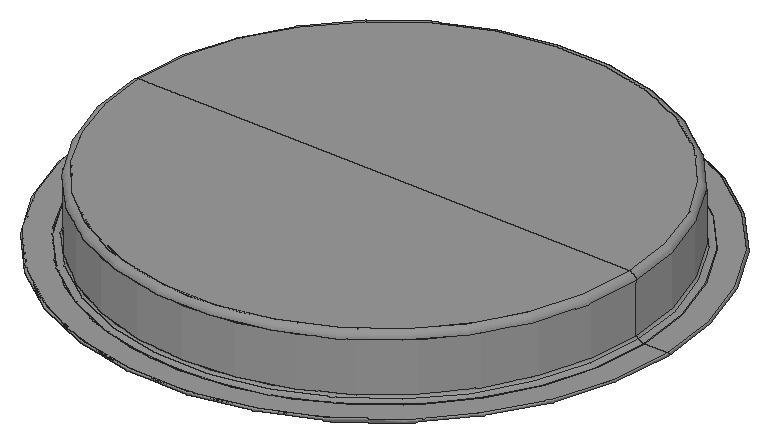
Revit family "MIA12_63_UN_Downlighter_ETK", category Lighting Fixtures, Revit 2017
Family settings
  Round Connector Dimension = Use Diameter
  Part Type = Normal
  OmniClass Number = 23.80.70.11.14.11
  OmniClass Title = Downlights
  Work Plane-Based = No
  Always vertical = Yes
  Cut with Voids When Loaded = No
  Light Source = No
  Shared = No
  Room Calculation Point = Yes
Parameters (values of type "MIA.1210.15 - Ø180 / 10W / 1000lm / 3000K")
  Wattage Comments = "10W"
  Voltage = 230 V
  URL = "http://www.etk.nl/producten/mia-1/"
  Type Comments = "IP40"
  Symbol_Waterproof [instance] = no
  Symbol_Emergency Lighting [instance] = no
  Switch Code [instance] = ""
  Radius = Diameter / 2  # 90 mm
  Model = "MIA.1"
  Manufacturer = "ETK licht B.V."
  Luminaire_Material = RAL9003
  Luminaire Code [instance] = ""
  Light Source = MIA.1 - Lightsource : ALL.1100.15 - 15W / 1500lm / 3000K
  Lamp = "LED"
  IfcExportType = "USERDEFINED"
  IfcExportAs = "IfcLightFixtureType"
  Diameter = 180 mm
  Copyright © IVLighting = "www.IVLighting.nl"
  Calc_Radius_housing = Radius - 10 mm  # 80 mm
  Bundle = "110°"
  Assembly Code = "63.0"
  Apparent Load = 10 VA
Reference planes
  plane 1 "Center (Front/Back)": y = 0
  plane 2: z = 0
  plane 3 "Center (Left/Right)": x = 0
Forms (mm)
  Revolve 1, solid, material "RAL9003" <- "Luminaire_Material"
    sketch origin (0, 0, 0) x (1, 0, 0) y (0, 0, 1)
      loop
        line (-82.516, 0) -> (-90, 0)
        arc (-90, 0) -> (-90.4, -0.4) -> (-90, -0.8) r 0.4
        line (-90, -0.8) -> (-82.516, -0.8) -> (-82.516, 0)
      axis (0, 0) -> (0, -1)
    angle from 0 to 360
  Revolve 2, solid, material "RAL9003" <- "Luminaire_Material"
    sketch origin (0, 0, 0) x (1, 0, 0) y (0, 0, 1)
      loop
        line (0, 0) -> (0, 19) -> (-77.956, 19)
        arc (-77.956, 19) -> (-79.401, 18.401) -> (-80, 16.956) r 2.044
        line (-80, 16.956) -> (-80, 1.415)
        arc (-80, 1.415) -> (-80.137, 0.905) -> (-80.51, 0.533) r 1.018
        arc (-80.51, 0.533) -> (-81.47, 0.135) -> (-82.5, 0) r 3.985
        line (-82.5, 0) -> (0, 0)
      axis (0, 19) -> (0, 0)
    angle from 0 to 360
  Revolve 3, solid, material "Glass, White, High Luminance"
    sketch origin (0, 0, 0) x (1, 0, 0) y (0, 0, 1)
      loop
        line (-82.516, -0.8) -> (0, -0.8) -> (0, 0) -> (-82.516, 0) -> (-82.516, -0.8)
      axis (0, 0) -> (0, -1)
    angle from 0 to 360
Cuts and joins
  joined: Revolve 1, Revolve 2
Dimensions and locks
  "Radius": plane 3 "Center (Left/Right)" to Revolve 1 sketch curve  (x2)
  "Calc_Radius_housing": Revolve 2 sketch curve to Revolve 2 sketch curve
  locked: Revolve 2 sketch curve to Revolve 2 sketch curve at 2.5
  aligned and locked: level to plane 2
Automatic sketch dimensions
  Revolve 3 sketch curve to level = 0 mm
  Revolve 3 sketch curve to plane 3 "Center (Left/Right)" = 0 mm
  Revolve 3 sketch curve to plane 3 "Center (Left/Right)" = 82.516 mm
  Revolve 3 sketch curve to level = 0.8 mm
  Revolve 1 sketch curve to level = 0 mm
  Revolve 1 sketch curve to plane 3 "Center (Left/Right)" = 0 mm
  Revolve 1 sketch curve to Revolve 1 sketch curve = 7.484 mm
  Revolve 1 sketch curve to level = 0.4 mm
  Revolve 1 sketch curve to level = 366.045 mm
  level to Revolve 1 sketch curve = 2214.315 mm
  Revolve 2 sketch curve to level = 0 mm
  Revolve 2 sketch curve to plane 3 "Center (Left/Right)" = 0 mm  (x2)
  Revolve 2 sketch curve to Revolve 2 sketch curve = 1.018 mm
  Revolve 2 sketch curve to Revolve 2 sketch curve = 2.044 mm
  level to Revolve 2 sketch curve = 1.415 mm
  Revolve 2 sketch curve to Revolve 2 sketch curve = 2.571 mm
  Revolve 2 sketch curve to Revolve 2 sketch curve = 12.971 mm
  Revolve 2 sketch curve to level = 366.045 mm
  Revolve 2 sketch curve to Revolve 2 sketch curve = 2195.315 mm
Nested families
  nested 1: "MIA.1 - Lightsource" at (-0.83, 0, 0), type <- "Light Source", type "ALL.1100.15 - 15W / 1500lm / 3000K"
  nested 2: "MIA1.Light_Symbol_IVL" at (0, 0, 0), type "Lighting Fixture - Round"
Definition of nested family "MIA.1 - Lightsource"
  Parameters (values of type "MIA.1210.15 -  Ø180 / 10W / 1000lm / 3000K")
    Wattage Comments = "10W"
    Wattage = 6.7321 W
    built-in parameter 1150110 = 1 (stored number, unit not read)
    URL = "http://www.etk.nl/producten/mia-1/"
    built-in parameter 1114217 = 1 (stored number, unit not read)
    Tilt Angle = 90.00°
    built-in parameter 1150109 = 1 (stored number, unit not read)
    built-in parameter 1150134 = (empty or 0)
    built-in parameter 1150113 = 1 (stored number, unit not read)
    Photometric Web File = "MIA.1210.15_LDT.ies"
    built-in parameter 1150142 = "IESNA91\r\n[MANUFAC]  www.etk.nl\r\n[LUMCAT] MIA.1210.15\r\n[LUMINAIRE] MIA.1 LED 10W 3000K ø180 1000Lm mat wit \r\n[LAMP] LED\r\n[CHANGED] this file converted to 'ies' from 'ldt' by IES Viewer v2.99n    (C) Andrey Legotin\r\nTILT=NONE\r\n1 1000 1 181 24 1 2 0 -0.16 0\r\n1 1 10\r\n0 1 2 3 4 5 6 7 8 9 10 11 12 13 14 15 16 17 18 19 20 21 22 \r\n23 24 25 26 27 28 29 30 31 32 33 34 35 36 37 38 39 40 41 42 \r\n43 44 45 46 47 48 49 50 51 52 53 54 55 56 57 58 59 60 61 62 \r\n63 64 65 66 67 68 69 70 71 72 73 74 75 76 77 78 79 80 81 82 \r\n83 84 85 86 87 88 89 90 91 92 93 94 95 96 97 98 99 100 101 \r\n102 103 104 105 106 107 108 109 110 111 112 113 114 115 116 \r\n117 118 119 120 121 122 123 124 125 126 127 128 129 130 131 \r\n132 133 134 135 136 137 138 139 140 141 142 143 144 145 146 \r\n147 148 149 150 151 152 153 154 155 156 157 158 159 160 161 \r\n162 163 164 165 166 167 168 169 170 171 172 173 174 175 176 \r\n177 178 179 180 \r\n0 15 30 45 60 75 90 105 120 135 150 165 180 195 210 225 240 \r\n255 270 285 300 315 330 345 \r\n346.7666 346.96 346.9237 346.8029 346.1864 346.1139 \r\n345.4611 344.9293 344.1073 343.7931 342.8381 341.5206 \r\n340.2635 338.6317 336.9394 334.9934 332.5879 331.4638 \r\n329.7474 327.3661 325.1541 322.652 320.5125 317.95 314.9523 \r\n312.4018 309.4524 306.3459 303.0098 300.0121 296.9539 \r\n293.2189 289.5322 285.8697 282.0742 278.2546 274.6283 \r\n270.7845 266.8198 262.4199 258.3706 253.9466 249.5588 \r\n245.2315 240.2393 235.6219 230.9924 226.387 222.0839 \r\n216.6203 211.3381 206.5031 201.3659 196.3858 190.9223 \r\n185.8334 180.3941 175.0635 169.6483 163.8342 159.0112 \r\n153.318 147.4193 142.0525 136.4559 130.8473 125.0695 \r\n119.3884 113.7314 108.0865 102.4417 96.9298 91.3212 85.5675 \r\n80.1402 74.6283 69.1285 63.4715 58.1651 52.7257 47.3951 \r\n42.2217 37.0241 31.9231 26.8343 21.8421 16.9588 12.1721 \r\n7.5063 3.1911 0.7857 0.133 0.1209 0.1209 0.1209 0.1209 \r\n0.1209 0.1209 0.1209 0.1209 0.1209 0.133 0.1451 0.1571 \r\n0.1571 0.1692 0.1692 0.1813 0.1813 0.2055 0.2055 0.2176 \r\n0.2297 0.2418 0.2538 0.2659 0.2659 0.278 0.278 0.2901 \r\n0.3022 0.3264 0.3264 0.3143 0.3264 0.3385 0.3505 0.3505 \r\n0.3626 0.3747 0.3868 0.3868 0.3989 0.411 0.411 0.411 0.4352 \r\n0.4352 0.4352 0.4472 0.4472 0.4593 0.4714 0.4714 0.4835 \r\n0.4956 0.4956 0.4956 0.5077 0.5077 0.5077 0.5077 0.5198 \r\n0.5198 0.5198 0.5319 0.5319 0.5319 0.5319 0.5319 0.5319 \r\n0.5319 0.5319 0.5319 0.5319 0.5319 0.5319 0.556 0.556 0.556 \r\n0.556 0.6044 0.6165 0.6406 0.6406 0.6527 0.6527 0.6527 \r\n0.6527 0.6527 0.6406 \r\n348.3742 347.7578 349.2083 348.2413 348.0962 346.9842 \r\n346.5248 345.9084 346.0172 344.8326 343.6964 343.6722 \r\n341.0734 340.3119 338.2812 336.3472 334.5582 332.9868 \r\n331.1374 328.3936 327.2936 324.5739 321.3828 319.6059 \r\n316.4632 313.7314 311.4469 307.7602 305.0526 301.9098 \r\n298.6341 295.1287 291.7442 287.7674 284.5401 280.5633 \r\n276.9733 273.3954 269.0801 264.6924 260.6551 256.6421 \r\n252.1818 247.1776 243.092 238.535 234.0868 229.3122 \r\n224.4772 218.8807 213.2842 207.6877 202.5867 197.6067 \r\n192.7958 187.5378 181.9413 176.3447 170.8933 165.466 \r\n160.0266 154.6356 149.0632 143.4667 137.9669 132.455 \r\n126.931 120.7784 115.1698 109.6337 103.9768 98.2594 92.5299 \r\n86.9213 81.4094 75.9579 70.3856 64.9462 59.4585 54.14 \r\n48.7731 43.503 38.2086 33.0835 28.0189 23.063 18.0708 \r\n13.1875 8.4854 3.9889 1.1483 0.0967 0.0967 0.1088 0.1088 \r\n0.1088 0.1209 0.1209 0.1209 0.133 0.1451 0.1571 0.1692 \r\n0.1692 0.1813 0.1934 0.1934 0.2055 0.2176 0.2297 0.2297 \r\n0.2418 0.2538 0.2659 0.278 0.278 0.2901 0.3022 0.3143 \r\n0.3264 0.3264 0.3385 0.3505 0.3626 0.3626 0.3626 0.3747 \r\n0.3868 0.3989 0.3989 0.411 0.4231 0.4231 0.4352 0.4352 \r\n0.4472 0.4593 0.4593 0.4714 0.4714 0.4835 0.4956 0.5077 \r\n0.5077 0.5077 0.5077 0.5077 0.5319 0.5319 0.5319 0.5319 \r\n0.5319 0.5319 0.5319 0.5319 0.5319 0.5319 0.5439 0.5439 \r\n0.5439 0.5439 0.5439 0.5439 0.5439 0.556 0.556 0.556 0.5681 \r\n0.5681 0.5802 0.6044 0.6044 0.6165 0.6165 0.6165 0.6286 \r\n0.6286 0.6406 0.6286 0.6286 0.6406 \r\n347.794 348.1083 348.0479 347.7336 347.5402 347.6973 \r\n346.8512 346.0293 345.7512 344.5667 343.7326 342.5964 \r\n341.2426 340.0218 338.5229 336.9394 335.0538 333.4341 \r\n331.5363 329.2518 327.5837 324.719 322.2048 319.896 \r\n317.1401 313.816 311.193 308.3887 305.3427 301.8494 \r\n298.8396 295.2133 291.297 288.263 284.528 280.6237 276.6348 \r\n273.1415 269.4669 265.466 260.3409 256.5333 251.7104 \r\n247.0809 242.8865 238.8372 234.2198 228.9617 224.2717 \r\n219.2917 213.9369 209.2711 204.5207 198.9121 193.6178 \r\n188.5289 183.2346 177.3722 172.1383 166.6747 161.1749 \r\n156.1102 150.2115 144.5546 138.8614 133.3495 127.9101 \r\n121.9872 116.4511 110.7579 105.0647 99.3714 93.9562 88.3476 \r\n82.8357 77.1909 71.6306 66.1187 60.776 55.2037 49.7885 \r\n44.5908 39.3086 34.0868 28.9738 23.9333 18.9532 14.1182 \r\n9.3074 4.7625 1.4747 0.133 0.1209 0.1209 0.1209 0.1209 \r\n0.1209 0.1209 0.1209 0.1209 0.1209 0.1209 0.1451 0.1571 \r\n0.1571 0.1571 0.1692 0.1813 0.1934 0.2055 0.2055 0.2176 \r\n0.2297 0.2418 0.2418 0.2538 0.2659 0.278 0.278 0.2901 \r\n0.3022 0.3143 0.3264 0.3264 0.3264 0.3264 0.3385 0.3505 \r\n0.3626 0.3626 0.3868 0.3868 0.3989 0.3989 0.411 0.411 \r\n0.4352 0.4352 0.4352 0.4472 0.4472 0.4593 0.4714 0.4714 \r\n0.4835 0.4956 0.4956 0.5077 0.5077 0.5077 0.5077 0.5077 \r\n0.5198 0.5198 0.5319 0.5319 0.5319 0.5319 0.5319 0.5319 \r\n0.5439 0.5439 0.5439 0.5439 0.5439 0.5439 0.5439 0.556 \r\n0.556 0.556 0.5681 0.6044 0.6286 0.6406 0.6527 0.6648 \r\n0.6648 0.6769 0.6769 0.6648 0.6406 \r\n346.5369 347.8666 347.2017 346.4161 346.3798 346.4886 \r\n346.3677 345.8359 344.8205 344.7963 343.5755 342.0887 \r\n340.88 339.6591 338.8009 337.701 334.9208 332.9868 330.8594 \r\n328.865 327.487 324.2355 322.3861 319.6422 317.539 315.1819 \r\n311.2897 308.0019 304.7504 302.3087 299.166 295.999 \r\n292.2761 289.0971 285.7367 281.8808 277.7106 274.0602 \r\n269.89 265.7198 261.6826 257.0893 252.762 249.2929 244.0832 \r\n239.4416 234.7758 230.1946 225.553 220.0169 214.4688 \r\n208.9448 204.0977 199.0209 193.8595 188.6136 182.9929 \r\n177.6744 172.38 166.8923 161.465 156.1465 150.5137 144.893 \r\n139.369 133.7121 127.6804 122.3136 116.7533 111.0963 \r\n105.5482 99.7462 94.1376 88.4564 82.9808 77.3963 71.7515 \r\n66.4209 60.8365 55.6388 50.1511 44.8205 39.5383 34.4978 \r\n29.3485 24.3201 19.2917 14.36 9.6821 5.0284 1.5956 0.1088 \r\n0.0967 0.1088 0.1088 0.1209 0.1209 0.1209 0.133 0.1451 \r\n0.1451 0.1571 0.1571 0.1813 0.1813 0.1934 0.1934 0.2055 \r\n0.2176 0.2297 0.2418 0.2418 0.2538 0.2659 0.278 0.2901 \r\n0.2901 0.3143 0.3143 0.3264 0.3385 0.3385 0.3505 0.3626 \r\n0.3626 0.3747 0.3747 0.3868 0.3868 0.3989 0.411 0.4231 \r\n0.4231 0.4231 0.4352 0.4352 0.4352 0.4472 0.4593 0.4593 \r\n0.4714 0.4835 0.4956 0.5077 0.5077 0.5077 0.5198 0.5198 \r\n0.5198 0.5198 0.5198 0.5198 0.5198 0.5319 0.5319 0.5319 \r\n0.5319 0.5319 0.5319 0.5319 0.5439 0.5439 0.5439 0.5439 \r\n0.556 0.556 0.5681 0.5681 0.5802 0.5923 0.6044 0.6044 \r\n0.6165 0.6165 0.6286 0.6286 0.6406 0.6406 0.6406 0.6406 \r\n0.6406 \r\n347.0688 347.5402 348.0358 348.3501 348.2413 347.1655 \r\n346.7787 347.2259 345.8721 345.0381 343.9744 342.3788 \r\n341.3514 339.6229 338.7526 337.3142 335.1988 333.0956 \r\n330.8836 329.0221 327.1123 324.7069 322.2168 319.1708 \r\n317.1401 314.5655 311.3139 308.7151 305.3669 302.212 \r\n299.2747 295.5397 291.986 288.6377 284.9631 280.9017 \r\n277.348 273.5646 269.7208 265.611 261.1024 256.9201 \r\n252.4115 247.6611 243.2733 238.8734 233.7363 229.3606 \r\n224.586 219.3279 214.6863 209.5975 204.6416 199.3714 \r\n194.4035 189.0487 183.4159 178.1458 172.7306 166.9527 \r\n161.6584 156.2553 150.6829 145.0502 139.4778 133.8813 \r\n128.321 122.5553 117.1401 111.4469 105.7416 100.0363 \r\n94.3914 88.5894 83.1863 77.6139 72.0053 66.6143 60.9573 \r\n55.663 50.3324 45.0018 39.8163 34.5703 29.4331 24.4168 \r\n19.4246 14.5413 9.7667 5.1735 1.6439 0.1692 0.1209 0.1088 \r\n0.1088 0.1088 0.1088 0.1088 0.1088 0.1088 0.1209 0.1209 \r\n0.1451 0.1451 0.1571 0.1571 0.1692 0.1813 0.1813 0.2055 \r\n0.2176 0.2176 0.2297 0.2297 0.2418 0.2538 0.2659 0.278 \r\n0.278 0.2901 0.3022 0.3264 0.3264 0.3264 0.3264 0.3385 \r\n0.3505 0.3505 0.3626 0.3747 0.3747 0.3868 0.3989 0.411 \r\n0.411 0.411 0.4352 0.4352 0.4472 0.4352 0.4352 0.4472 \r\n0.4472 0.4593 0.4593 0.4714 0.4714 0.4956 0.4956 0.5077 \r\n0.5077 0.5077 0.5198 0.5198 0.5198 0.5319 0.5319 0.5319 \r\n0.5319 0.5319 0.5319 0.5319 0.5319 0.5319 0.5319 0.5439 \r\n0.5439 0.5439 0.556 0.556 0.5681 0.6044 0.6286 0.6406 \r\n0.6527 0.6648 0.6769 0.6769 0.6769 0.6648 0.6406 \r\n347.794 348.1687 348.2654 347.4677 348.2171 347.238 \r\n347.3105 347.3105 345.6425 345.0743 343.9502 343.2975 \r\n341.9074 340.1185 338.7888 337.3504 335.7186 333.7 331.633 \r\n329.8078 327.7408 325.0453 322.7124 320.0894 317.5632 \r\n314.3962 312.3414 308.5459 305.8262 302.3329 299.7824 \r\n296.3133 293.0134 289.4597 285.4345 281.9896 277.904 \r\n274.4712 270.3493 266.6022 262.2628 257.6695 253.1125 \r\n248.8577 244.6392 239.8888 235.3197 230.3759 225.8189 \r\n220.2708 214.7226 209.1744 203.9043 198.9605 193.8716 \r\n188.6015 183.2588 177.7832 172.3438 167.0615 161.5134 \r\n155.9289 150.3203 144.5788 139.1394 133.4462 127.8134 \r\n122.1322 116.4995 110.7579 105.1855 99.6374 93.92 88.3114 \r\n82.7874 76.9491 71.3889 66.0703 60.5584 55.2158 49.8852 \r\n44.5304 39.2723 34.0505 28.9496 23.9454 18.929 14.1061 \r\n9.3557 4.7625 1.4505 0.1088 0.1088 0.1088 0.1088 0.1209 \r\n0.1209 0.1209 0.133 0.1451 0.1571 0.1571 0.1692 0.1813 \r\n0.1813 0.1934 0.2055 0.2176 0.2176 0.2297 0.2418 0.2538 \r\n0.2659 0.2659 0.278 0.2901 0.3022 0.3143 0.3264 0.3264 \r\n0.3385 0.3505 0.3505 0.3626 0.3626 0.3747 0.3747 0.3989 \r\n0.3989 0.411 0.4231 0.4352 0.4352 0.4352 0.4472 0.4472 \r\n0.4593 0.4714 0.4714 0.4835 0.4835 0.4956 0.5077 0.5077 \r\n0.5077 0.5198 0.5077 0.5198 0.5198 0.5319 0.5319 0.5319 \r\n0.5319 0.5319 0.5319 0.5319 0.5319 0.5319 0.5319 0.5439 \r\n0.5439 0.5439 0.5439 0.556 0.556 0.5681 0.5681 0.5802 \r\n0.5802 0.5923 0.6044 0.6165 0.6286 0.6286 0.6406 0.6406 \r\n0.6527 0.6648 0.6527 0.6527 0.6406 \r\n347.4918 347.4556 347.0325 346.9842 346.5611 346.2589 \r\n344.7842 343.3579 342.959 342.2338 341.025 339.9613 \r\n338.6438 336.9515 335.1868 333.3253 331.5363 329.699 \r\n327.4387 324.586 322.0355 320.3554 317.6599 314.3962 \r\n312.1963 309.1502 306.08 302.9494 299.6011 296.7243 \r\n293.6299 289.7256 286.0389 282.8841 279.4029 275.3656 \r\n271.7877 267.5571 263.3627 259.2893 254.8773 250.9489 \r\n246.3314 242.0283 237.4109 232.9626 228.3694 223.6553 \r\n218.2401 212.8128 207.3855 202.0065 197.5946 192.1794 \r\n187.2235 182.1709 176.8645 171.6548 166.5297 161.054 \r\n155.4938 150.0665 144.8447 139.5141 133.8692 128.1035 \r\n122.7004 117.1643 111.7853 106.2976 100.8703 95.3705 \r\n89.9553 84.5038 79.2457 73.6976 68.2098 63.0726 57.7058 \r\n52.5565 47.3589 42.3426 37.3021 32.3462 27.4628 22.6278 \r\n17.9016 13.1996 8.6667 4.2669 1.2571 0.0484 0.0604 0.0604 \r\n0.0725 0.0604 0.0725 0.0846 0.0846 0.0967 0.0967 0.1088 \r\n0.1209 0.1209 0.133 0.1451 0.1451 0.1571 0.1692 0.1813 \r\n0.1813 0.1934 0.2055 0.2055 0.2176 0.2297 0.2418 0.2418 \r\n0.2538 0.2538 0.2659 0.278 0.278 0.2901 0.3022 0.3022 \r\n0.3143 0.3143 0.3264 0.3264 0.3385 0.3505 0.3626 0.3626 \r\n0.3626 0.3747 0.3747 0.3868 0.3989 0.411 0.411 0.4231 \r\n0.4352 0.4352 0.4472 0.4472 0.4593 0.4593 0.4714 0.4714 \r\n0.4714 0.4835 0.4835 0.4956 0.4835 0.4956 0.5077 0.5077 \r\n0.5319 0.5319 0.5439 0.5439 0.556 0.5681 0.5802 0.5802 \r\n0.5923 0.6044 0.6165 0.6165 0.6165 0.6286 0.6286 0.6286 \r\n0.6406 0.6406 0.6406 0.6406 0.6406 0.6406 0.6406 \r\n348.6764 348.9907 348.3863 347.516 346.8029 346.4886 \r\n345.8359 345.0864 344.0348 342.8986 341.6173 340.3239 \r\n339.3449 337.2295 335.2955 333.3132 331.6814 329.3122 \r\n327.7408 325.4321 322.7487 320.4883 318.2159 315.6896 \r\n312.2809 309.3557 306.6965 303.8317 300.0242 296.5551 \r\n292.7475 289.6531 285.8697 282.5819 278.4117 274.9547 \r\n271.413 267.3758 263.121 258.6486 254.2367 249.9819 \r\n245.3282 240.5173 236.1779 231.8869 226.8101 222.1806 \r\n217.3456 212.4501 207.6756 202.5746 197.6188 192.1552 \r\n187.1026 182.1105 176.8766 171.5218 166.1912 160.5222 \r\n155.5663 149.8489 144.204 138.7767 133.2165 127.7167 \r\n122.096 116.717 111.2172 105.7053 100.2055 94.6211 89.2784 \r\n83.8511 78.3392 72.9844 67.5209 62.2749 56.9564 51.928 \r\n46.6699 41.569 36.5043 31.4517 26.6892 21.818 16.9588 \r\n12.3776 7.8206 3.5537 0.9428 0.0967 0.0725 0.0725 0.0725 \r\n0.0725 0.0725 0.0725 0.0725 0.0725 0.0846 0.0967 0.0967 \r\n0.0967 0.1088 0.1209 0.133 0.133 0.1451 0.1571 0.1571 \r\n0.1692 0.1813 0.1813 0.1934 0.2055 0.2176 0.2176 0.2297 \r\n0.2418 0.2418 0.2538 0.2659 0.2659 0.278 0.278 0.2901 \r\n0.2901 0.3022 0.3143 0.3143 0.3264 0.3264 0.3385 0.3385 \r\n0.3505 0.3505 0.3626 0.3626 0.3868 0.3868 0.3989 0.3989 \r\n0.411 0.4231 0.4231 0.4472 0.4352 0.4352 0.4472 0.4472 \r\n0.4472 0.4472 0.4593 0.4593 0.4593 0.4714 0.4956 0.4956 \r\n0.5077 0.5077 0.5198 0.5319 0.5439 0.556 0.556 0.5681 \r\n0.5681 0.5802 0.5923 0.6286 0.6286 0.6406 0.6406 0.6527 \r\n0.6648 0.6648 0.6648 0.6648 0.6406 0.6406 \r\n347.5281 347.5281 347.8424 347.9391 347.4677 346.3677 \r\n346.5853 345.2798 343.7326 342.5118 341.4723 339.8525 \r\n338.5592 336.746 335.0659 333.6396 331.2704 329.421 \r\n326.5925 325.1541 322.7971 320.4762 317.6236 314.7589 \r\n311.5919 308.5338 305.8866 302.5867 299.5286 295.9869 \r\n292.9288 289.1092 285.4829 281.9171 278.2787 274.314 \r\n270.2526 265.9857 262.3957 258.0322 254.2971 248.894 \r\n244.9414 240.2514 235.8153 231.0045 226.4717 221.1531 \r\n215.8346 210.5161 205.669 200.8824 195.3584 190.5113 \r\n185.3983 180.3941 174.5558 169.5999 164.3297 158.9871 \r\n153.5114 147.9512 142.4876 137.0966 131.5001 125.9761 \r\n120.4883 114.8918 109.6217 103.9647 98.5737 93.1464 87.5378 \r\n82.2072 76.8766 71.3647 66.0462 60.8365 55.5663 50.3445 \r\n45.2315 40.1668 35.0296 30.0616 25.2508 20.4279 15.7863 \r\n11.1205 6.6119 2.5505 0.4835 0.0484 0.0484 0.0604 0.0604 \r\n0.0725 0.0725 0.0846 0.0846 0.0967 0.0967 0.1088 0.1209 \r\n0.1209 0.133 0.1451 0.1571 0.1571 0.1692 0.1813 0.1934 \r\n0.1934 0.2055 0.2055 0.2176 0.2297 0.2418 0.2418 0.2538 \r\n0.2538 0.2659 0.278 0.278 0.2901 0.2901 0.3022 0.3143 \r\n0.3143 0.3264 0.3264 0.3385 0.3385 0.3505 0.3505 0.3626 \r\n0.3626 0.3747 0.3868 0.3989 0.3989 0.411 0.4231 0.4231 \r\n0.4352 0.4472 0.4472 0.4593 0.4593 0.4593 0.4714 0.4714 \r\n0.4714 0.4714 0.4835 0.4835 0.4956 0.5077 0.5077 0.5198 \r\n0.5319 0.5439 0.5439 0.556 0.5681 0.5681 0.5802 0.5923 \r\n0.6044 0.6165 0.6165 0.6165 0.6165 0.6286 0.6286 0.6286 \r\n0.6286 0.6406 0.6286 0.6286 0.6286 0.6406 \r\n348.1083 347.3105 346.5974 346.4886 346.5248 345.9205 \r\n345.026 343.926 343.5876 342.0404 340.1064 339.2723 \r\n337.3625 336.1658 333.7121 331.9836 330.4243 328.0672 \r\n325.8552 323.2685 320.8872 317.9258 315.3753 312.5831 \r\n309.4162 306.7569 303.723 300.9187 297.9814 294.198 \r\n290.5838 286.9455 283.5247 279.693 276.1634 272.0658 \r\n268.0527 264.1605 259.8332 255.3487 250.961 246.7666 \r\n242.1733 238.124 233.6275 228.7562 223.752 218.8928 214.082 \r\n209.3557 204.5086 199.7099 194.4639 189.0608 183.6819 \r\n178.7622 173.1778 168.0527 162.7705 157.2344 151.9038 \r\n146.3556 140.9767 135.2714 130.1342 124.7311 119.1708 \r\n113.5138 108.014 102.5384 97.2803 91.708 86.1598 80.805 \r\n75.3052 69.9142 64.5473 59.3618 54.0916 49.0149 43.8051 \r\n38.8493 33.8088 28.8045 24.0421 19.2796 14.5534 9.8634 \r\n5.4756 1.8252 0.1813 0.0725 0.0725 0.0725 0.0725 0.0725 \r\n0.0725 0.0725 0.0725 0.0725 0.0967 0.0967 0.0967 0.0967 \r\n0.1088 0.1209 0.133 0.1451 0.1571 0.1571 0.1571 0.1692 \r\n0.1813 0.1813 0.2055 0.2055 0.2176 0.2176 0.2297 0.2418 \r\n0.2418 0.2538 0.2659 0.2659 0.2659 0.278 0.278 0.2901 \r\n0.3022 0.3143 0.3143 0.3264 0.3264 0.3264 0.3385 0.3385 \r\n0.3505 0.3626 0.3747 0.3868 0.3868 0.3989 0.3989 0.3989 \r\n0.411 0.4231 0.4352 0.4352 0.4472 0.4352 0.4472 0.4472 \r\n0.4472 0.4593 0.4593 0.4593 0.4714 0.4835 0.4835 0.4956 \r\n0.5077 0.5198 0.5198 0.5439 0.556 0.556 0.556 0.5681 0.5681 \r\n0.5923 0.6165 0.6286 0.6286 0.6286 0.6406 0.6406 0.6527 \r\n0.6527 0.6527 0.6406 0.6406 \r\n347.5765 347.3105 347.1534 347.0688 346.2589 345.2798 \r\n344.7963 343.8172 342.7535 341.6415 340.058 339.0548 \r\n337.1812 335.1505 333.2648 331.3913 329.4331 326.9552 \r\n324.9365 322.2894 320.0411 317.2972 314.8072 312.5106 \r\n309.5975 306.3218 303.0219 299.8549 296.9781 293.2914 \r\n289.9674 286.5103 282.8599 279.1249 275.559 27
